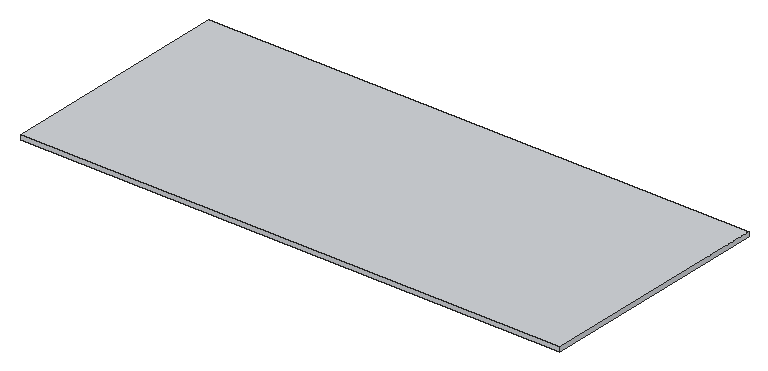
Revit family "FURN_Table_Rectangle_Center Opening", category Furniture, Revit 2024
Family settings
  OmniClass Number = 23.40.20.00
  OmniClass Title = General Furniture and Specialties
  Work Plane-Based = No
  Enable Cutting in Views = No
  Always vertical = Yes
  Cut with Voids When Loaded = No
  Render Appearance Source = Family Geometry
  Shared = No
  Room Calculation Point = No
Parameters (values of type "Conference Table_2440 x 1065")
  Width = 1065 mm
  W [instance] = (Width - Opening_Width) / 2  # 432.5 mm
  Quant_Divisions = 2
  Opening_Offset_Ends = 400 mm
  Length = 2440 mm
  Height = 680 mm
  EA_Repath [instance] = 0 mm
  Divisions = no
  Opening_Width = 200 mm
  Divisions_Offset_Ends = 2150 mm
  Default Elevation = 0 mm
Types (3, lengths in mm): name | Width | W | Quant_Divisions | Opening_Offset_Ends | Length | Divisions | Opening_Width
  Conference Table_4000 x 1800 | 1800 | 794 | 2 | 900 | 4000 | no | 212
  Conference Table_10800 x 2400_Dividers | 2400 | 1094 | 5 | 900 | 10800 | yes | 212
  Conference Table_2440 x 1065 | 1065 | 432.5 | 2 | 400 | 2440 | no | 200
Reference planes
  plane 1 "Center (Front/Back)": y = 0
  plane 2: z = 0
  plane 3 "Center (Left/Right)": x = 0
  plane 4: x = -1220
  plane 5: x = 1220
  plane 6: y = 532.5
  plane 7: y = -532.5
  plane 8 "Surface": z = 680
  plane 9: x = -820
  plane 10: x = 820
  plane 11: y = 100
  plane 12: y = -100
  plane 13 "div_left": x = 930
  plane 14 "div_right": x = -930
Forms (mm)
  Extrusion 1, solid
    sketch origin (-1346.766, -1524, 680) x (-1, 0, 0) y (0, -1, 0)
      loop
        line (-126.766, -2056.5) -> (-126.766, -991.5) -> (-2566.766, -991.5) -> (-2566.766, -2056.5) -> (-126.766, -2056.5)
    from 0 to -20
Lines and regions (mm)
  model lines
    curve 1: line (-820, 100, 680) -> (820, 100, 680)
    curve 2: line (-820, -100, 680) -> (-820, 100, 680)
    curve 3: line (820, -100, 680) -> (-820, -100, 680)
    curve 4: line (820, 100, 680) -> (820, -100, 680)
Dimensions and locks
  equal spacing: plane 4, plane 3 "Center (Left/Right)", plane 5
  equal spacing: plane 6, plane 1 "Center (Front/Back)", plane 7
  "Length": plane 4 to plane 5
  "Width": plane 6 to plane 7
  "Height": plane 8 "Surface" to plane 2
  equal spacing: plane 11, plane 1 "Center (Front/Back)", plane 12
  "Opening_Width": plane 11 to plane 12
  "Opening_Offset_Ends": plane 10 to plane 5
  "Opening_Offset_Ends": plane 4 to plane 9
  "Divisions_Offset_Ends": plane 4 to plane 13 "div_left"
  "Divisions_Offset_Ends": plane 14 "div_right" to plane 5
  group 2 to group 1 = 1860 mm
  group 2 to group 1 = 6 mm
  group 1 to group 2 = 0 mm
  aligned and locked: level to plane 2
  aligned and locked: Extrusion 1 sketch curve to plane 6
  aligned and locked: plane 4 to Extrusion 1 sketch curve
  aligned and locked: Extrusion 1 sketch curve to plane 7
  aligned and locked: Extrusion 1 sketch curve to plane 5
  aligned and locked: curve 1 to plane 11
  aligned and locked: plane 9 to curve 2
  aligned and locked: curve 3 to plane 12
  aligned and locked: plane 10 to curve 4
  aligned and locked: plane 12 to nested 2
  aligned and locked: plane 13 "div_left" to nested 1
  aligned and locked: nested 3 to plane 14 "div_right"
Nested families
  nested 1: "Divisions" at (930, 112, 680), L <- "W", visible <- "Divisions", type "Divisions"
    with L 432.5 mm
  nested 2: "Divisions" at (930, -100, 680), L <- "W", visible <- "Divisions", type "Divisions"
    with L 432.5 mm
  nested 3: "Divisions" at (-930, 106, 680), L <- "W", visible <- "Divisions", type "Divisions"
    with L 432.5 mm
  nested 4: "Divisions" at (-930, -106, 680), L <- "W", visible <- "Divisions", type "Divisions"
    with L 432.5 mm
Definition of nested family "Divisions"
  Parameters
    L [instance] = 444.834 mm
    Default Elevation = 1219.2 mm
  Reference planes
    plane 1 "Center (Front/Back)": y = 0
    plane 2: z = 0
    plane 3 "Center (Left/Right)": x = 0
    plane 4: y = 444.834
  Forms (mm)
    Extrusion 1, solid
      sketch origin (0, 0, 0) x (1, 0, 0) y (0, 1, 0)
        loop
          line (-1219.2, 1219.2) -> (-1219.2, -1219.2) -> (1219.2, -1219.2) -> (1219.2, 1219.2) -> (-1219.2, 1219.2)
      from 0 to -304.8
  Lines and regions (mm)
    model lines
      curve 1: line (0, 0, 0) -> (0, 444.834, 0)
  Dimensions and locks
    "L": plane 1 "Center (Front/Back)" to plane 4
    aligned and locked: plane 2 to Extrusion 1
    aligned and locked: level to Extrusion 1
    aligned and locked: plane 4 to curve 1
    aligned and locked: plane 1 "Center (Front/Back)" to curve 1
    aligned and locked: plane 3 "Center (Left/Right)" to curve 1
  Automatic sketch dimensions
    Extrusion 1 sketch curve to Extrusion 1 sketch curve = 2438.4 mm  (x2)
